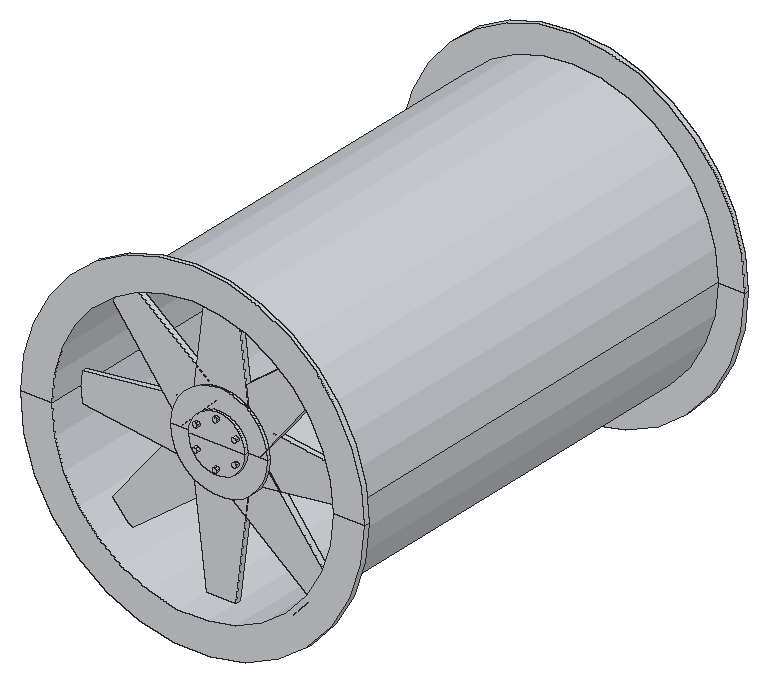
Revit family "CADS_Vent-Axia_MechEquip_Fan_BIFA_315_3Ph2P - SUPPLY", category Mechanical Equipment, Revit 2020
Family settings
  Round Connector Dimension = Use Diameter
  Part Type = Normal
  OmniClass Number = 23.75.00.00
  OmniClass Title = Climate Control (HVAC)
  Work Plane-Based = No
  Always vertical = Yes
  Cut with Voids When Loaded = No
  Shared = No
  Room Calculation Point = No
Parameters (values of type "BIFA313238")
  WorkingPressure = 0.0 Pa
  WarrantyStartDate [instance] = "1900-12-31T23:59:59"
  WarrantyPeriod = ""
  WarrantyIdentifier = "N/A"
  WarrantyGuarantorParts = "tech@vent-axia.com"
  WarrantyGuarantorLabor = "tech@vent-axia.com"
  WarrantyGuarantor = "Vent-Axia Limited"
  WarrantyEndDate [instance] = "1900-12-31T23:59:59"
  WarrantyContent = ""
  TemperatureRange = ""
  TagNumber [instance] = "N/A"
  SustainabilityPerformance = ""
  Status = "New"
  Size = ""
  Shape = ""
  ServiceLifeType = ""
  ServiceLifeDuration = ""
  SerialNumber [instance] = "N/A"
  ReplacementCost = ""
  RatedVoltage = 0 V
  RatedCurrent = 0 A
  Quantity = 1
  ProductionYear = ""
  PressureCurve = ""
  PowerFactor = ""
  PointOfContact = ""
  NumberOfPoles = 0
  NominalWidth = 315 mm
  NominalLength = 535 mm
  NominalHeight = 315 mm
  NominalFrequencyRange = ""
  NominalDiameter = 315 mm
  ModelReference = "BIF 315MM 3PH 2P 38DEG"
  ModelNumber = "BIFA313238"
  Material = ""
  ManufacturerE-Mail = "tech@vent-axia.com"
  ManufacturerAddress = "Fleming Way\nCrawley \nRH10 9YX"
  IsExtendedWarranty = no
  InsulationStandardClass = ""
  InstallationDate [instance] = "1900-12-31T23:59:59"
  IfcExportType [instance] = ""
  IfcExportAs = "IfcFanType"
  IP_Code = ""
  HasProtectiveEarth = no
  GrossWeight = 0.00 kg
  Grade = ""
  GlobalTradeItemNumber [instance] = "N/A"
  Fitting Type = "Ignore"
  Finish = ""
  Features = ""
  ExteriorInsulation = no
  ExpectedServiceLife = 0
  Exclusions = ""
  DurationUnit = "Year"
  Default Elevation = 0 mm
  Constituents = ""
  ConductorFunction = ""
  Color = ""
  CodePerformance = ""
  Category = ""
  CADS_Usage = 0
  CADS_Index = 0
  AssetType = "FIXED"
  AssetIdentifier [instance] = "N/A"
  AssemblyPlace = "UNKNOWN"
  ArticleNumber [instance] = "N/A"
  AirflowRateRange = 0.0 L/s
  Air Flow [instance] = 0.0 L/s
  AccessibilityPerformance = ""
Types (14, lengths in mm): name | ModelReference | ModelNumber
  BIFA313210 | "BIF 315MM 3PH 2P 10DEG" | "BIFA313210"
  BIFA313212 | "BIF 315MM 3PH 2P 12DEG" | "BIFA313212"
  BIFA313214 | "BIF 315MM 3PH 2P 14DEG" | "BIFA313214"
  BIFA313218 | "BIF 315MM 3PH 2P 18DEG" | "BIFA313218"
  BIFA313220 | "BIF 315MM 3PH 2P 20DEG" | "BIFA313220"
  BIFA313222 | "BIF 315MM 3PH 2P 22DEG" | "BIFA313222"
  BIFA313224 | "BIF 315MM 3PH 2P 24DEG" | "BIFA313224"
  BIFA313226 | "BIF 315MM 3PH 2P 26DEG" | "BIFA313226"
  BIFA313228 | "BIF 315MM 3PH 2P 28DEG" | "BIFA313228"
  BIFA313230 | "BIF 315MM 3PH 2P 30DEG" | "BIFA313230"
  BIFA313232 | "BIF 315MM 3PH 2P 32DEG" | "BIFA313232"
  BIFA313234 | "BIF 315MM 3PH 2P 34DEG" | "BIFA313234"
  BIFA313236 | "BIF 315MM 3PH 2P 36DEG" | "BIFA313236"
  BIFA313238 | "BIF 315MM 3PH 2P 38DEG" | "BIFA313238"
Reference planes
  plane 1 "Center (Front/Back)": y = 0
  plane 2: z = 0
  plane 3 "Center (Left/Right)": x = 0
  plane 4: x = -157.5
  plane 5: x = 157.5
  plane 6 "F": y = -267.5
  plane 7 "B": y = 267.5
  plane 8: x = -192.5
  plane 9: y = 262.5
  plane 10: y = -262.5
  plane 11: x = -162.5
  plane 12: y = -227.5
Forms (mm)
  Revolve 1, solid
    sketch origin (0, 0, 0) x (1, 0, 0) y (0, 1, 0)
      loop
        line (-192.5, -267.5) -> (-157.5, -267.5) -> (-157.5, 267.5) -> (-192.5, 267.5) -> (-192.5, 262.5) -> (-162.5, 262.5) -> (-162.5, -262.5) -> (-192.5, -262.5) -> (-192.5, -267.5)
      axis (0, 267.5) -> (0, -267.5)
    angle from 0 to 360
Dimensions and locks
  equal spacing: plane 4, plane 3 "Center (Left/Right)", plane 5
  equal spacing: plane 7 "B", plane 1 "Center (Front/Back)", plane 6 "F"
  "NominalLength": plane 7 "B" to plane 6 "F"
  "NominalDiameter": plane 4 to plane 5
  locked: plane 11 to plane 4 at 5
  locked: plane 8 to plane 11 at 30
  locked: plane 6 "F" to plane 10 at 5
  locked: plane 7 "B" to plane 9 at 5
  locked: plane 6 "F" to plane 12 at 40
  aligned and locked: level to plane 2
  aligned and locked: nested 1 to plane 12
Automatic sketch dimensions
  plane 6 "F" to Revolve 1 sketch curve = 0 mm
  Revolve 1 sketch curve to plane 8 = 0 mm  (x2)
  plane 10 to Revolve 1 sketch curve = 0 mm
  Revolve 1 sketch curve to plane 11 = 0 mm
  Revolve 1 sketch curve to plane 4 = 0 mm
  Revolve 1 sketch curve to plane 3 "Center (Left/Right)" = 0 mm
  plane 1 "Center (Front/Back)" to Revolve 1 sketch curve = 0 mm
  Revolve 1 sketch curve to plane 9 = 0 mm
  Revolve 1 sketch curve to plane 7 "B" = 0 mm
  plane 6 "F" to Revolve 1 sketch curve = 115 mm
Nested families
  nested 1: "Fan for BIFA" at (0, -227.5, 0), ND <- "NominalDiameter", type "Fan for BIFA"
    with hub 31.5 mm, ND 315 mm, BoltPCD 25.2 mm, Bolt Count 6, B_Diam 5 mm
  nested 2: "Bolts" at (21.824, -236.672, -12.6) x (-0.5, 0, -0.866) z (0, 1, 0), type "Bolts"
    with bd 5 mm
  nested 3: "Bolts" at (0, -236.672, -25.2) x (-1, 0, 0) z (0, 1, 0), type "Bolts"
    with bd 5 mm
  nested 4: "Bolts" at (-21.824, -236.672, -12.6) x (-0.5, 0, 0.866) z (0, 1, 0), type "Bolts"
    with bd 5 mm
  nested 5: "Bolts" at (-21.824, -236.672, 12.6) x (0.5, 0, 0.866) z (0, 1, 0), type "Bolts"
    with bd 5 mm
  nested 6: "Bolts" at (21.824, -236.672, 12.6) x (0.5, 0, -0.866) z (0, 1, 0), type "Bolts"
    with bd 5 mm
  nested 7: "Bolts" at (0, -236.672, 25.2) x (1, 0, 0) z (0, 1, 0), type "Bolts"
    with bd 5 mm
  nested 8: "BIFA Blade" at (0, -227.5, 0), type "BIFA Blade"
    with a 20.00°, HR 31.5 mm, HD 63 mm, BT 31.5 mm, BR 126 mm, BH 40 mm, BD 315 mm, BB 63 mm
  nested 9: "BIFA Blade" at (0, -227.5, 0) x (0.7071, 0, -0.7071) z (0.7071, 0, 0.7071), type "BIFA Blade"
    with a 20.00°, HR 31.5 mm, HD 63 mm, BT 31.5 mm, BR 126 mm, BH 40 mm, BD 315 mm, BB 63 mm
  nested 10: "BIFA Blade" at (0, -227.5, 0) x (0, 0, -1) z (1, 0, 0), type "BIFA Blade"
    with a 20.00°, HR 31.5 mm, HD 63 mm, BT 31.5 mm, BR 126 mm, BH 40 mm, BD 315 mm, BB 63 mm
  nested 11: "BIFA Blade" at (0, -227.5, 0) x (-0.7071, 0, -0.7071) z (0.7071, 0, -0.7071), type "BIFA Blade"
    with a 20.00°, HR 31.5 mm, HD 63 mm, BT 31.5 mm, BR 126 mm, BH 40 mm, BD 315 mm, BB 63 mm
  nested 12: "BIFA Blade" at (0, -227.5, 0) x (-1, 0, 0) z (0, 0, -1), type "BIFA Blade"
    with a 20.00°, HR 31.5 mm, HD 63 mm, BT 31.5 mm, BR 126 mm, BH 40 mm, BD 315 mm, BB 63 mm
  nested 13: "BIFA Blade" at (0, -227.5, 0) x (-0.7071, 0, -0.7071) z (-0.7071, 0, 0.7071), type "BIFA Blade"
    with a 20.00°, HR 31.5 mm, HD 63 mm, BT 31.5 mm, BR 126 mm, BH 40 mm, BD 315 mm, BB 63 mm
  nested 14: "BIFA Blade" at (0, -227.5, 0) x (0, 0, -1) z (-1, 0, 0), type "BIFA Blade"
    with a 20.00°, HR 31.5 mm, HD 63 mm, BT 31.5 mm, BR 126 mm, BH 40 mm, BD 315 mm, BB 63 mm
  nested 15: "BIFA Blade" at (0, -227.5, 0) x (0.7071, 0, -0.7071) z (-0.7071, 0, -0.7071), type "BIFA Blade"
    with a 20.00°, HR 31.5 mm, HD 63 mm, BT 31.5 mm, BR 126 mm, BH 40 mm, BD 315 mm, BB 63 mm
Connectors
  hvac at (0, -267.5, 0), driven by "NominalDiameter", driven by "Air Flow"
    settings: on Revolve 1, index 1, duct flow 0.0 L/s, flow factor 0, pres drop 0.0 Pa, loss coef 0, conn angle 0.00°, conn width 304.8 mm, conn height 304.8 mm, conn diameter 315 mm, duct sys type 1, conn prof type 0, flow config 1, flow direction 1, loss method 0, conn ref index -1, conn util no, is conn primary yes, conn desc ""
  hvac at (0, 267.5, 0), driven by "NominalDiameter", driven by "Air Flow"
    settings: on Revolve 1, index 2, duct flow 0.0 L/s, flow factor 0, pres drop 0.0 Pa, loss coef 0, conn angle 0.00°, conn width 304.8 mm, conn height 304.8 mm, conn diameter 315 mm, duct sys type 1, conn prof type 0, flow config 0, flow direction 2, loss method 0, conn ref index -1, conn util no, is conn primary no, conn desc ""
Definition of nested family "Fan for BIFA"
  Parameters (values of type "Fan for BIFA")
    hub [instance] = ND / 10  # 50 mm
    ND [instance] = 500 mm
    Model = "."
    Default Elevation = 0 mm
    BoltPCD [instance] = hub - (hub * 0.2)  # 40 mm
    Bolt Count [instance] = if(hub < 50 mm, 6, 8)  # 8
    B_Diam [instance] = if(hub < 50 mm, 5 mm, 10 mm)  # 10 mm
  Reference planes
    plane 1 "Center (Front/Back)": y = 0
    plane 2: z = 0
    plane 3 "Center (Left/Right)": x = 0
    plane 4 "back": y = 20
    plane 5 "bolts": y = -9.172
    plane 6 "B": z = 50
    plane 7: x = -72.587
    plane 8: x = -50
    plane 9 "hubface": y = -6.172
  Forms (mm)
    Revolve 1, solid
      sketch origin (0, 0, 0) x (1, 0, 0) y (0, 1, 0)
        loop
          line (0, 20) -> (-50, 20) -> (-50, 10.504) -> (-72.587, 10.504) -> (-72.587, -2.597) -> (-50, -2.597) -> (-50, -6.172) -> (0, -6.172) -> (0, 20)
        axis (0, 20) -> (0, -6.172)
      angle from 0 to 360
    Extrusion 2, solid, not visible
      sketch origin (0, -6.347, -4) x (-1, 0, 0) y (0, 0, 1)
        loop
          circle (0, 84) r 5
      from 0 to 3
  Lines and regions (mm)
    symbolic lines
      curve 1: circle (0, -9.172, 0) r 40 normal (0, 1, 0)
    model lines, not visible
      curve 2: line (0, -6.347, 85) -> (0, -6.347, 75)
  Dimensions and locks
    "hub": plane 6 "B" to plane 2
    "hub": nested 3 to plane 3 "Center (Left/Right)"
    "hub": nested 4 to plane 3 "Center (Left/Right)"
    "hub": nested 5 to plane 3 "Center (Left/Right)"
    "hub": plane 3 "Center (Left/Right)" to nested 6
    "hub": Revolve 1 sketch curve to Revolve 1 sketch curve
    "hub": plane 3 "Center (Left/Right)" to nested 7
    "hub": plane 3 "Center (Left/Right)" to nested 8
    "hub": plane 3 "Center (Left/Right)" to nested 9
    "hub": plane 8 to plane 3 "Center (Left/Right)"
    plane 7 to plane 8 = 22.587 mm
    diameter of Extrusion 2 sketch curve = 10 mm
    "BoltPCD": radius of curve 1
    "BoltPCD": radius of radial array
    aligned and locked: level to plane 2
    aligned and locked: plane 6 "B" to nested 1
  Automatic sketch dimensions
    Revolve 1 sketch curve to plane 7 = 0 mm
    Revolve 1 sketch curve to plane 8 = 0 mm  (x2)
    Revolve 1 sketch curve to plane 3 "Center (Left/Right)" = 0 mm
    Revolve 1 sketch curve to plane 9 "hubface" = 0 mm
    plane 4 "back" to Revolve 1 sketch curve = 0 mm
    plane 1 "Center (Front/Back)" to Revolve 1 sketch curve = 2.597 mm
    plane 4 "back" to Revolve 1 sketch curve = 9.496 mm
    plane 4 "back" to Revolve 1 sketch curve = 5 mm
    Revolve 1 sketch curve to Revolve 1 sketch curve = 45 mm
    curve 1 to level = 0 mm
    curve 1 to plane 3 "Center (Left/Right)" = 0 mm
  Nested families
    nested 1: "BIFA Blade" at (0, 0, 25), BD <- "ND", HD <- "hub", type "BIFA Blade"
      with a 20.00°, HR 25 mm, HD 50 mm, BT 25 mm, BR 100 mm, BH 40 mm, BD 250 mm, BB 50 mm
    nested 2: "BIFA Blade" at (0, 0, 55), BD <- "ND", HD <- "hub", type "BIFA Blade", not visible
      with a 20.00°, HR 25 mm, HD 50 mm, BT 25 mm, BR 100 mm, BH 40 mm, BD 250 mm, BB 50 mm
    nested 3: "BIFA Blade" at (17.678, 0, 17.678) x (0.7071, 0, -0.7071) z (0.7071, 0, 0.7071), BD <- "ND", HD <- "hub", type "BIFA Blade"
      with a 20.00°, HR 25 mm, HD 50 mm, BT 25 mm, BR 100 mm, BH 40 mm, BD 250 mm, BB 50 mm
    nested 4: "BIFA Blade" at (25, 0, 0) x (0, 0, -1) z (1, 0, 0), BD <- "ND", HD <- "hub", type "BIFA Blade"
      with a 20.00°, HR 25 mm, HD 50 mm, BT 25 mm, BR 100 mm, BH 40 mm, BD 250 mm, BB 50 mm
    nested 5: "BIFA Blade" at (17.678, 0, -17.678) x (-0.7071, 0, -0.7071) z (0.7071, 0, -0.7071), BD <- "ND", HD <- "hub", type "BIFA Blade"
      with a 20.00°, HR 25 mm, HD 50 mm, BT 25 mm, BR 100 mm, BH 40 mm, BD 250 mm, BB 50 mm
    nested 6: "BIFA Blade" at (0, 0, -25) x (-1, 0, 0) z (0, 0, -1), BD <- "ND", HD <- "hub", type "BIFA Blade"
      with a 20.00°, HR 25 mm, HD 50 mm, BT 25 mm, BR 100 mm, BH 40 mm, BD 250 mm, BB 50 mm
    nested 7: "BIFA Blade" at (-17.678, 0, 17.678) x (-0.7071, 0, -0.7071) z (-0.7071, 0, 0.7071), BD <- "ND", HD <- "hub", type "BIFA Blade"
      with a 20.00°, HR 25 mm, HD 50 mm, BT 25 mm, BR 100 mm, BH 40 mm, BD 250 mm, BB 50 mm
    nested 8: "BIFA Blade" at (-25, 0, 0) x (0, 0, -1) z (-1, 0, 0), BD <- "ND", HD <- "hub", type "BIFA Blade"
      with a 20.00°, HR 25 mm, HD 50 mm, BT 25 mm, BR 100 mm, BH 40 mm, BD 250 mm, BB 50 mm
    nested 9: "BIFA Blade" at (-17.678, 0, -17.678) x (0.7071, 0, -0.7071) z (-0.7071, 0, -0.7071), BD <- "ND", HD <- "hub", type "BIFA Blade"
      with a 20.00°, HR 25 mm, HD 50 mm, BT 25 mm, BR 100 mm, BH 40 mm, BD 250 mm, BB 50 mm
    nested 10: "Bolts" at (0, -9.172, 40) x (1, 0, 0) z (0, 1, 0), bd <- "B_Diam", type "Bolts"
      with bd 10 mm
    nested 11: "Bolts" at (28.284, -9.172, 28.284) x (0.7071, 0, -0.7071) z (0, 1, 0), bd <- "B_Diam", type "Bolts"
      with bd 10 mm
    nested 12: "Bolts" at (-28.284, -9.172, 28.284) x (0.7071, 0, 0.7071) z (0, 1, 0), bd <- "B_Diam", type "Bolts"
      with bd 10 mm
    nested 13: "Bolts" at (-40, -9.172, 0) x (0, 0, 1) z (0, 1, 0), bd <- "B_Diam", type "Bolts"
      with bd 10 mm
    nested 14: "Bolts" at (-28.284, -9.172, -28.284) x (-0.7071, 0, 0.7071) z (0, 1, 0), bd <- "B_Diam", type "Bolts"
      with bd 10 mm
    nested 15: "Bolts" at (0, -9.172, -40) x (-1, 0, 0) z (0, 1, 0), bd <- "B_Diam", type "Bolts"
      with bd 10 mm
    nested 16: "Bolts" at (28.284, -9.172, -28.284) x (-0.7071, 0, -0.7071) z (0, 1, 0), bd <- "B_Diam", type "Bolts"
      with bd 10 mm
    nested 17: "Bolts" at (40, -9.172, 0) x (0, 0, -1) z (0, 1, 0), bd <- "B_Diam", type "Bolts"
      with bd 10 mm
  Definition of nested family "BIFA Blade"
    Parameters (values of type "BIFA Blade")
      a [instance] = 20.00°
      HR [instance] = HD / 2  # 30 mm
      HD [instance] = BD / 5  # 60 mm
      Default Elevation = 1219.2 mm
      BT [instance] = BD / 10  # 30 mm
      BR [instance] = (BD / 2) - HR  # 120 mm
      BH [instance] = 40 mm
      BD [instance] = 300 mm
      BB [instance] = BD / 5  # 60 mm
    Reference planes
      plane 1 "Center (Front/Back)": y = 0
      plane 2: z = 0
      plane 3 "Center (Left/Right)": x = 0
      plane 4 "Blade Bot": z = 30
      plane 5: x = -30
      plane 6: x = 30
      plane 7: x = -15
      plane 8: x = 15
    Forms (mm)
      Blend 1, solid
        base sketch origin (0, 0, 30) x (-1, 0, 0) y (0, -1, 0)
          loop
            line (30, 0) -> (-30, 0) -> (-30, -6) -> (30, -6) -> (30, 0)
        top sketch origin (0, 0, 30) x (-1, 0, 0) y (0, -1, 0)
          loop
            line (15, -6) -> (15, 0) -> (-15, 0) -> (-15, -6) -> (15, -6)
        from 0 to 120 <- "BR"
    Dimensions and locks
      "HR": plane 4 "Blade Bot" to level
      equal spacing: plane 8, plane 3 "Center (Left/Right)", plane 7
      "BT": plane 8 to plane 7
      equal spacing: plane 6, plane 3 "Center (Left/Right)", plane 5
      "BB": plane 6 to plane 5
      aligned and locked: level to plane 2
    Automatic sketch dimensions
      plane 1 "Center (Front/Back)" to Blend 1 sketch curve = 0 mm  (x2)
      Blend 1 sketch curve to plane 6 = 0 mm
      Blend 1 sketch curve to plane 5 = 0 mm
      Blend 1 sketch curve to plane 1 "Center (Front/Back)" = 6 mm  (x2)
      Blend 1 sketch curve to plane 8 = 0 mm
      Blend 1 sketch curve to plane 7 = 0 mm
  Definition of nested family "Bolts"
    Parameters
      bd [instance] = 10 mm
      Default Elevation = 1219.2 mm
    Reference planes
      plane 1 "Center (Front/Back)": y = 0
      plane 2: z = 0
      plane 3 "Center (Left/Right)": x = 0
    Forms (mm)
      Extrusion 1, solid
        sketch origin (0, 0, 0) x (1, 0, 0) y (0, 1, 0)
          loop
            line (-1219.2, 1219.2) -> (-1219.2, -1219.2) -> (1219.2, -1219.2) -> (1219.2, 1219.2) -> (-1219.2, 1219.2)
        from 0 to -304.8
      Extrusion 2, solid
        sketch origin (0, 0, 0) x (1, 0, 0) y (0, 1, 0)
          loop
            circle (0, 0) r 5
        from 0 to 3
    Dimensions and locks
      "bd": diameter of Extrusion 2 sketch curve
      aligned and locked: plane 2 to Extrusion 1
      aligned and locked: level to Extrusion 1
    Automatic sketch dimensions
      Extrusion 1 sketch curve to Extrusion 1 sketch curve = 2438.4 mm  (x2)
      plane 1 "Center (Front/Back)" to Extrusion 2 sketch curve = 0 mm
      Extrusion 2 sketch curve to plane 3 "Center (Left/Right)" = 0 mm
Definition of nested family "Bolts"
  Parameters
    bd [instance] = 10 mm
    Default Elevation = 1219.2 mm
  Reference planes
    plane 1 "Center (Front/Back)": y = 0
    plane 2: z = 0
    plane 3 "Center (Left/Right)": x = 0
  Forms (mm)
    Extrusion 1, solid
      sketch origin (0, 0, 0) x (1, 0, 0) y (0, 1, 0)
        loop
          line (-1219.2, 1219.2) -> (-1219.2, -1219.2) -> (1219.2, -1219.2) -> (1219.2, 1219.2) -> (-1219.2, 1219.2)
      from 0 to -304.8
    Extrusion 2, solid
      sketch origin (0, 0, 0) x (1, 0, 0) y (0, 1, 0)
        loop
          circle (0, 0) r 5
      from 0 to 3
  Dimensions and locks
    "bd": diameter of Extrusion 2 sketch curve
    aligned and locked: plane 2 to Extrusion 1
    aligned and locked: level to Extrusion 1
  Automatic sketch dimensions
    Extrusion 1 sketch curve to Extrusion 1 sketch curve = 2438.4 mm  (x2)
    plane 1 "Center (Front/Back)" to Extrusion 2 sketch curve = 0 mm
    Extrusion 2 sketch curve to plane 3 "Center (Left/Right)" = 0 mm
Definition of nested family "BIFA Blade"
  Parameters (values of type "BIFA Blade")
    a [instance] = 20.00°
    HR [instance] = HD / 2  # 30 mm
    HD [instance] = BD / 5  # 60 mm
    Default Elevation = 1219.2 mm
    BT [instance] = BD / 10  # 30 mm
    BR [instance] = (BD / 2) - HR  # 120 mm
    BH [instance] = 40 mm
    BD [instance] = 300 mm
    BB [instance] = BD / 5  # 60 mm
  Reference planes
    plane 1 "Center (Front/Back)": y = 0
    plane 2: z = 0
    plane 3 "Center (Left/Right)": x = 0
    plane 4 "Blade Bot": z = 30
    plane 5: x = -30
    plane 6: x = 30
    plane 7: x = -15
    plane 8: x = 15
  Forms (mm)
    Blend 1, solid
      base sketch origin (0, 0, 30) x (-1, 0, 0) y (0, -1, 0)
        loop
          line (30, 0) -> (-30, 0) -> (-30, -6) -> (30, -6) -> (30, 0)
      top sketch origin (0, 0, 30) x (-1, 0, 0) y (0, -1, 0)
        loop
          line (15, -6) -> (15, 0) -> (-15, 0) -> (-15, -6) -> (15, -6)
      from 0 to 120 <- "BR"
  Dimensions and locks
    "HR": plane 4 "Blade Bot" to level
    equal spacing: plane 8, plane 3 "Center (Left/Right)", plane 7
    "BT": plane 8 to plane 7
    equal spacing: plane 6, plane 3 "Center (Left/Right)", plane 5
    "BB": plane 6 to plane 5
    aligned and locked: level to plane 2
  Automatic sketch dimensions
    plane 1 "Center (Front/Back)" to Blend 1 sketch curve = 0 mm  (x2)
    Blend 1 sketch curve to plane 6 = 0 mm
    Blend 1 sketch curve to plane 5 = 0 mm
    Blend 1 sketch curve to plane 1 "Center (Front/Back)" = 6 mm  (x2)
    Blend 1 sketch curve to plane 8 = 0 mm
    Blend 1 sketch curve to plane 7 = 0 mm
